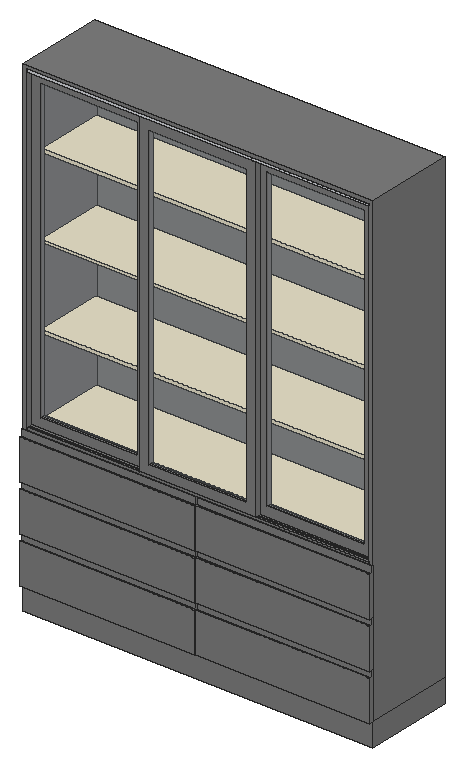
Revit family "Стеллаж для посуды", category Мебель, Revit 2019
Family settings
  Номер OmniClass = 23.40.20.00
  Заголовок OmniClass = General Furniture and Specialties
  На основе рабочей плоскости = Нет
  Всегда вертикально = Да
  При загрузке вырезать с полостями = Нет
  Общий = Нет
  Точка расчета площади = Нет
Parameters
  Ширина [instance] = 1500 mm
  Материал стекло стеллажа для посуды = Материал стекло стеллажа для посуды
  Материал корпус стеллажа для посуды = Материал корпус стеллажа для посуды
  Материал полки стеллажа для посуды = Материал полки стеллажа для посуды
  Изготовитель = "Литвинчук Артур"
  Высота нижних ящиков (общая) [instance] = 600 mm
  Глубина [instance] = 400 mm
  Высота верхней части [instance] = 1250 mm
  Высота [instance] = 2100 mm
  URL = "lytvynchukartur@gmail.com"
Reference planes
  plane 1 "По центру (Вперед/Назад)": y = 0
  plane 2: z = 0
  plane 3 "По центру (Влево/Вправо)": x = 0
  plane 4: x = 1500
  plane 5: y = -400
  plane 6: y = -385
  plane 7: y = -370
  plane 8 "По центру Л/Р": x = 15
  plane 9: x = 1485
  plane 10: y = -15
  plane 11: z = 100
  plane 12: z = 700
  plane 13: z = 2100
  plane 14: z = 2085
  plane 15 "По центру Л/Т": x = 750
  plane 16 "По центру Л/У": x = 752.5
  plane 17 "По центру Л/Ф": x = 747.5
  plane 18: z = 300
  plane 19: z = 500
  plane 20 "По центру Л/Х": y = -5
  plane 21: z = 1046.25
  plane 22: z = 1392.5
  plane 23: z = 1738.75
  plane 24: y = -305
  plane 25: z = 1053.75
  plane 26: z = 1038.75
  plane 27: z = 1400
  plane 28: z = 1385
  plane 29: z = 1746.25
  plane 30: z = 1731.25
  plane 31: z = 710
  plane 32: z = 2075
  plane 33 "По центру Л/Ц": x = 55
  plane 34 "По центру Л/Ч": x = 500
  plane 35 "По центру Л/Ш": x = 1000
  plane 36 "По центру Л/Ъ": x = 540
  plane 37 "По центру Л/Ы": x = 960
  plane 38: x = 1445
  plane 39 "По центру Л/Э": x = 515
  plane 40: x = 985
  plane 41: z = 2035
  plane 42: z = 750
  plane 43: y = -320
  plane 44: y = -340
  plane 45: y = -360
  plane 46: y = -365
  plane 47 "По центру Л/Ю": x = 475
  plane 48: x = 1025
Forms (mm)
  Extrusion 1, solid, material "Материал корпус стеллажа для посуды" <- "Материал корпус стеллажа для посуды"
    sketch origin (0, 0, 0) x (1, 0, 0) y (0, 1, 0)
      loop
        line (0, 0) -> (0, -385) -> (1500, -385) -> (1500, 0) -> (0, 0)
      loop
        line (15, -15) -> (15, -370) -> (1485, -370) -> (1485, -15) -> (15, -15)
    from 0 to 100
  Extrusion 2, solid, material "Материал корпус стеллажа для посуды" <- "Материал корпус стеллажа для посуды"
    sketch origin (0, 0, 0) x (1, 0, 0) y (0, 0, 1)
      loop
        line (0, 2100) -> (0, 100) -> (1500, 100) -> (1500, 2100) -> (0, 2100)
      loop
        line (15, 2085) -> (15, 700) -> (1485, 700) -> (1485, 2085) -> (15, 2085)
    from 0 to 385
  Extrusion 3, solid, material "Материал корпус стеллажа для посуды" <- "Материал корпус стеллажа для посуды"
    sketch origin (0, 0, 0) x (0, 1, 0) y (0, 0, 1)
      loop
        line (-385, 300) -> (-390, 300) -> (-390, 271.479)
        arc (-390, 271.479) -> (-390.871, 270.117) -> (-392.473, 270.337) r 1.5
        line (-392.473, 270.337) -> (-397.506, 274.623)
        arc (-397.506, 274.623) -> (-399.116, 274.868) -> (-400, 273.5) r 1.5
        line (-400, 273.5) -> (-400, 100) -> (-385, 100) -> (-385, 300)
    from 0 to 747.5
  Extrusion 4, solid, material "Материал корпус стеллажа для посуды" <- "Материал корпус стеллажа для посуды"
    sketch origin (0, 0, 0) x (0, 1, 0) y (0, 0, 1)
      loop
        line (-385, 300) -> (-390, 300) -> (-390, 271.479)
        arc (-390, 271.479) -> (-390.871, 270.117) -> (-392.473, 270.337) r 1.5
        line (-392.473, 270.337) -> (-397.506, 274.623)
        arc (-397.506, 274.623) -> (-399.116, 274.868) -> (-400, 273.5) r 1.5
        line (-400, 273.5) -> (-400, 100) -> (-385, 100) -> (-385, 300)
    from 752.5 to 1500
  Extrusion 5, solid, material "Материал корпус стеллажа для посуды" <- "Материал корпус стеллажа для посуды"
    sketch origin (0, 0, 250) x (0, 1, 0) y (0, 0, 1)
      loop
        line (-385, 250) -> (-390, 250) -> (-390, 221.479)
        arc (-390, 221.479) -> (-390.871, 220.117) -> (-392.473, 220.337) r 1.5
        line (-392.473, 220.337) -> (-397.506, 224.623)
        arc (-397.506, 224.623) -> (-399.116, 224.868) -> (-400, 223.5) r 1.5
        line (-400, 223.5) -> (-400, 50) -> (-385, 50) -> (-385, 250)
    from 0 to 747.5
  Extrusion 6, solid, material "Материал корпус стеллажа для посуды" <- "Материал корпус стеллажа для посуды"
    sketch origin (0, 0, 250) x (0, 1, 0) y (0, 0, 1)
      loop
        line (-385, 250) -> (-390, 250) -> (-390, 221.479)
        arc (-390, 221.479) -> (-390.871, 220.117) -> (-392.473, 220.337) r 1.5
        line (-392.473, 220.337) -> (-397.506, 224.623)
        arc (-397.506, 224.623) -> (-399.116, 224.868) -> (-400, 223.5) r 1.5
        line (-400, 223.5) -> (-400, 50) -> (-385, 50) -> (-385, 250)
    from 752.5 to 1500
  Extrusion 7, solid, material "Материал корпус стеллажа для посуды" <- "Материал корпус стеллажа для посуды"
    sketch origin (0, 0, 500) x (0, 1, 0) y (0, 0, 1)
      loop
        line (-385, 200) -> (-390, 200) -> (-390, 171.479)
        arc (-390, 171.479) -> (-390.871, 170.117) -> (-392.473, 170.337) r 1.5
        line (-392.473, 170.337) -> (-397.506, 174.623)
        arc (-397.506, 174.623) -> (-399.116, 174.868) -> (-400, 173.5) r 1.5
        line (-400, 173.5) -> (-400, 0) -> (-385, 0) -> (-385, 200)
    from 0 to 747.5
  Extrusion 8, solid, material "Материал корпус стеллажа для посуды" <- "Материал корпус стеллажа для посуды"
    sketch origin (0, 0, 500) x (0, 1, 0) y (0, 0, 1)
      loop
        line (-385, 200) -> (-390, 200) -> (-390, 171.479)
        arc (-390, 171.479) -> (-390.871, 170.117) -> (-392.473, 170.337) r 1.5
        line (-392.473, 170.337) -> (-397.506, 174.623)
        arc (-397.506, 174.623) -> (-399.116, 174.868) -> (-400, 173.5) r 1.5
        line (-400, 173.5) -> (-400, 0) -> (-385, 0) -> (-385, 200)
    from 752.5 to 1500
  Extrusion 9, solid, material "Материал корпус стеллажа для посуды" <- "Материал корпус стеллажа для посуды"
    sketch origin (0, 0, 0) x (1, 0, 0) y (0, 1, 0)
      loop
        line (15, 0) -> (15, -5) -> (1485, -5) -> (1485, 0) -> (15, 0)
    from 700 to 2085
  Extrusion 10, solid, material "Материал полки стеллажа для посуды" <- "Материал полки стеллажа для посуды"
    sketch origin (0, 0, 0) x (1, 0, 0) y (0, 1, 0)
      loop
        line (15, -15) -> (15, -305) -> (1485, -305) -> (1485, -15) -> (15, -15)
    from 1038.75 to 1053.75
  Extrusion 11, solid, material "Материал полки стеллажа для посуды" <- "Материал полки стеллажа для посуды"
    sketch origin (120, 0, 0) x (1, 0, 0) y (0, 1, 0)
      loop
        line (-105, -15) -> (-105, -305) -> (1365, -305) -> (1365, -15) -> (-105, -15)
    from 1385 to 1400
  Extrusion 12, solid, material "Материал полки стеллажа для посуды" <- "Материал полки стеллажа для посуды"
    sketch origin (0, 0, 0) x (1, 0, 0) y (0, 1, 0)
      loop
        line (15, -15) -> (15, -305) -> (1485, -305) -> (1485, -15) -> (15, -15)
    from 1731.25 to 1746.25
  Extrusion 13, solid, material "Материал корпус стеллажа для посуды" <- "Материал корпус стеллажа для посуды"
    sketch origin (0, 0, 0) x (0, 1, 0) y (0, 0, 1)
      loop
        line (-385, 700) -> (-340, 700) -> (-340, 710) -> (-347.5, 710) -> (-347.5, 705) -> (-352.5, 705) -> (-352.5, 710) -> (-372.5, 710) -> (-372.5, 705) -> (-377.5, 705) -> (-377.5, 710) -> (-385, 710) -> (-385, 700)
    from 15 to 1485
  Extrusion 14, solid, material "Материал корпус стеллажа для посуды" <- "Материал корпус стеллажа для посуды"
    sketch origin (0, 0, 0) x (1, 0, 0) y (0, 0, 1)
      loop
        line (500, 2075) -> (500, 710) -> (1000, 710) -> (1000, 2075) -> (500, 2075)
      loop
        line (540, 2035) -> (540, 750) -> (960, 750) -> (960, 2035) -> (540, 2035)
    from 365 to 385
  Extrusion 15, solid
    sketch origin (0, 0, 2935) x (0, 1, 0) y (0, 0, 1)
      loop
        line (-385, -850) -> (-385, -860) -> (-377.5, -860) -> (-377.5, -855) -> (-372.5, -855) -> (-372.5, -860) -> (-352.5, -860) -> (-352.5, -855) -> (-347.5, -855) -> (-347.5, -860) -> (-340, -860) -> (-340, -850) -> (-385, -850)
    from 15 to 1485
  Extrusion 16, solid, material "Материал корпус стеллажа для посуды" <- "Материал корпус стеллажа для посуды"
    sketch origin (-485, -720, 0) x (1, 0, 0) y (0, 0, -1)
      loop
        line (500, -2075) -> (1000, -2075) -> (1000, -710) -> (500, -710) -> (500, -2075)
      loop
        line (540, -2035) -> (960, -2035) -> (960, -750) -> (540, -750) -> (540, -2035)
    from 360 to 380
  Extrusion 17, solid, material "Материал корпус стеллажа для посуды" <- "Материал корпус стеллажа для посуды"
    sketch origin (485, -720, 0) x (1, 0, 0) y (0, 0, -1)
      loop
        line (500, -2075) -> (1000, -2075) -> (1000, -710) -> (500, -710) -> (500, -2075)
      loop
        line (540, -2035) -> (960, -2035) -> (960, -750) -> (540, -750) -> (540, -2035)
    from 360 to 380
  Extrusion 18, solid, material "Материал стекло стеллажа для посуды" <- "Материал стекло стеллажа для посуды"
    sketch origin (0, 0, 0) x (1, 0, 0) y (0, 0, 1)
      loop
        line (540, 2035) -> (540, 750) -> (960, 750) -> (960, 2035) -> (540, 2035)
    from 372.5 to 377.5
  Extrusion 19, solid, material "Материал стекло стеллажа для посуды" <- "Материал стекло стеллажа для посуды"
    sketch origin (-485, 0, 0) x (1, 0, 0) y (0, 0, 1)
      loop
        line (540, 2035) -> (540, 750) -> (960, 750) -> (960, 2035) -> (540, 2035)
    from 347.5 to 352.5
  Extrusion 20, solid, material "Материал стекло стеллажа для посуды" <- "Материал стекло стеллажа для посуды"
    sketch origin (485, 0, 0) x (1, 0, 0) y (0, 0, 1)
      loop
        line (540, 2035) -> (540, 750) -> (960, 750) -> (960, 2035) -> (540, 2035)
    from 347.5 to 352.5
  Extrusion 21, solid, material "Материал полки стеллажа для посуды" <- "Материал полки стеллажа для посуды"
    sketch origin (0, 0, 0) x (1, 0, 0) y (0, 1, 0)
      loop
        line (15, -15) -> (15, -305) -> (1485, -305) -> (1485, -15) -> (15, -15)
    from 700 to 710
Dimensions and locks
  "Ширина": plane 3 "По центру (Влево/Вправо)" to plane 4
  "Глубина": plane 1 "По центру (Вперед/Назад)" to plane 5
  plane 7 to plane 6 to plane 5 = 15 mm locked, 15 mm locked
  locked: plane 3 "По центру (Влево/Вправо)" to plane 8 "По центру Л/Р" at 15
  locked: plane 9 to plane 4 at 15
  locked: plane 1 "По центру (Вперед/Назад)" to plane 10 at 15
  locked: plane 11 to level at 100
  "Высота нижних ящиков (общая)": plane 12 to plane 11
  "Высота": plane 13 to level
  plane 13 to plane 12 = 1400 mm
  locked: plane 13 to plane 14 at 15
  equal spacing: plane 9, plane 15 "По центру Л/Т", plane 8 "По центру Л/Р"
  plane 16 "По центру Л/У" to plane 15 "По центру Л/Т" to plane 17 "По центру Л/Ф" = 2.5 mm locked, 2.5 mm locked
  equal spacing: plane 12, plane 19, plane 18, plane 11
  locked: plane 20 "По центру Л/Х" to plane 1 "По центру (Вперед/Назад)" at 5
  equal spacing: plane 14, plane 23, plane 22, plane 21, plane 12
  locked: plane 24 to plane 5 at 95
  plane 25 to plane 21 to plane 26 = 7.5 mm locked, 7.5 mm locked
  plane 27 to plane 22 to plane 28 = 7.5 mm locked, 7.5 mm locked
  plane 29 to plane 23 to plane 30 = 7.5 mm locked, 7.5 mm locked
  locked: plane 31 to plane 12 at 10
  locked: plane 31 to Extrusion 13 at 5  (x2)
  locked: plane 14 to plane 32 at 10
  equal spacing: plane 4, plane 35 "По центру Л/Ш", plane 34 "По центру Л/Ч", plane 3 "По центру (Влево/Вправо)"
  locked: plane 33 "По центру Л/Ц" to plane 8 "По центру Л/Р" at 40
  locked: plane 9 to plane 38 at 40
  locked: plane 36 "По центру Л/Ъ" to plane 34 "По центру Л/Ч" at 40
  locked: plane 35 "По центру Л/Ш" to plane 37 "По центру Л/Ы" at 40
  locked: plane 39 "По центру Л/Э" to plane 34 "По центру Л/Ч" at 15
  locked: plane 35 "По центру Л/Ш" to plane 40 at 15
  locked: plane 24 to plane 43 at 15
  plane 6 to plane 46 to plane 45 to plane 44 = 20 mm, 5 mm, 20 mm
  locked: plane 42 to plane 31 at 40
  locked: plane 32 to plane 41 at 40
  locked: plane 39 "По центру Л/Э" to plane 47 "По центру Л/Ю" at 40
  locked: plane 48 to plane 40 at 40
  plane 7 to Extrusion 18 to Extrusion 18 = 2.5 mm locked, 5 mm locked
  plane 44 to Extrusion 19 to Extrusion 19 = 7.5 mm locked, 5 mm locked
  plane 44 to Extrusion 20 to Extrusion 20 = 7.5 mm locked, 5 mm locked
  aligned and locked: level to plane 2
  aligned and locked: plane 8 "По центру Л/Р" to Extrusion 1 sketch curve
  aligned and locked: Extrusion 1 sketch curve to plane 9
  aligned and locked: Extrusion 1 sketch curve to plane 4
  aligned and locked: plane 3 "По центру (Влево/Вправо)" to Extrusion 1 sketch curve
  aligned and locked: Extrusion 1 sketch curve to plane 10
  aligned and locked: plane 1 "По центру (Вперед/Назад)" to Extrusion 1 sketch curve
  aligned and locked: plane 7 to Extrusion 1 sketch curve
  aligned and locked: plane 6 to Extrusion 1 sketch curve
  aligned and locked: Extrusion 1 to level
  aligned and locked: plane 11 to Extrusion 1
  aligned and locked: Extrusion 2 sketch curve to plane 14
  aligned and locked: Extrusion 2 sketch curve to plane 13
  aligned and locked: plane 8 "По центру Л/Р" to Extrusion 2 sketch curve
  aligned and locked: plane 12 to Extrusion 2 sketch curve
  aligned and locked: Extrusion 2 sketch curve to plane 9
  aligned and locked: Extrusion 2 sketch curve to plane 4
  aligned and locked: plane 3 "По центру (Влево/Вправо)" to Extrusion 2 sketch curve
  aligned and locked: plane 11 to Extrusion 2 sketch curve
  aligned and locked: Extrusion 2 to plane 1 "По центру (Вперед/Назад)"
  aligned and locked: Extrusion 2 to plane 6
  aligned and locked: Extrusion 3 to plane 11
  aligned and locked: Extrusion 3 sketch curve to plane 6
  aligned and locked: plane 5 to Extrusion 3 sketch curve
  aligned and locked: Extrusion 3 sketch curve to plane 18
  aligned and locked: plane 17 "По центру Л/Ф" to Extrusion 3
  aligned and locked: Extrusion 3 to plane 3 "По центру (Влево/Вправо)"
  aligned and locked: Extrusion 4 to plane 16 "По центру Л/У"
  aligned and locked: plane 4 to Extrusion 4
  aligned and locked: plane 18 to Extrusion 4
  aligned and locked: plane 6 to Extrusion 4
  aligned and locked: Extrusion 4 to plane 5
  aligned and locked: Extrusion 4 to plane 11
  aligned and locked: Extrusion 5 to plane 3 "По центру (Влево/Вправо)"
  aligned and locked: plane 17 "По центру Л/Ф" to Extrusion 5
  aligned and locked: Extrusion 6 to plane 16 "По центру Л/У"
  aligned and locked: plane 4 to Extrusion 6
  aligned and locked: Extrusion 7 to plane 3 "По центру (Влево/Вправо)"
  aligned and locked: plane 17 "По центру Л/Ф" to Extrusion 7
  aligned and locked: Extrusion 8 to plane 16 "По центру Л/У"
  aligned and locked: plane 4 to Extrusion 8
  aligned and locked: Extrusion 5 to plane 18
  aligned and locked: plane 19 to Extrusion 5
  aligned and locked: plane 6 to Extrusion 5
  aligned and locked: Extrusion 7 to plane 5
  aligned and locked: plane 6 to Extrusion 7
  aligned and locked: plane 12 to Extrusion 7
  aligned and locked: Extrusion 7 to plane 19
  aligned and locked: Extrusion 6 to plane 5
  aligned and locked: plane 19 to Extrusion 6
  aligned and locked: plane 6 to Extrusion 6
  aligned and locked: Extrusion 6 to plane 18
  aligned and locked: Extrusion 8 to plane 5
  aligned and locked: plane 6 to Extrusion 8
  aligned and locked: plane 12 to Extrusion 8
  aligned and locked: Extrusion 8 to plane 19
  aligned and locked: plane 8 "По центру Л/Р" to Extrusion 9 sketch curve
  aligned and locked: Extrusion 9 sketch curve to plane 9
  aligned and locked: Extrusion 9 sketch curve to plane 20 "По центру Л/Х"
  aligned and locked: plane 1 "По центру (Вперед/Назад)" to Extrusion 9 sketch curve
  aligned and locked: Extrusion 9 to plane 12
  aligned and locked: plane 14 to Extrusion 9
  aligned and locked: Extrusion 10 to plane 8 "По центру Л/Р"
  aligned and locked: plane 9 to Extrusion 10
  aligned and locked: plane 10 to Extrusion 10
  aligned and locked: Extrusion 10 to plane 24
  aligned and locked: plane 25 to Extrusion 10
  aligned and locked: Extrusion 10 to plane 26
  aligned and locked: Extrusion 11 to plane 8 "По центру Л/Р"
  aligned and locked: plane 9 to Extrusion 11
  aligned and locked: plane 9 to Extrusion 12
  aligned and locked: Extrusion 12 to plane 8 "По центру Л/Р"
  aligned and locked: plane 29 to Extrusion 12
  aligned and locked: Extrusion 12 to plane 30
  aligned and locked: plane 27 to Extrusion 11
  aligned and locked: Extrusion 11 to plane 28
  aligned and locked: plane 12 to Extrusion 13 sketch curve
  aligned and locked: Extrusion 13 to plane 8 "По центру Л/Р"
  aligned and locked: plane 9 to Extrusion 13
  aligned and locked: plane 31 to Extrusion 13  (x3)
  aligned and locked: Extrusion 13 to plane 6
  aligned and locked: Extrusion 14 sketch curve to plane 41
  aligned and locked: Extrusion 14 sketch curve to plane 37 "По центру Л/Ы"
  aligned and locked: plane 36 "По центру Л/Ъ" to Extrusion 14 sketch curve
  aligned and locked: plane 42 to Extrusion 14 sketch curve
  aligned and locked: plane 34 "По центру Л/Ч" to Extrusion 14 sketch curve
  aligned and locked: Extrusion 14 sketch curve to plane 35 "По центру Л/Ш"
  aligned and locked: Extrusion 14 sketch curve to plane 32
  aligned and locked: plane 31 to Extrusion 14 sketch curve
  aligned and locked: Extrusion 14 to plane 6
  aligned and locked: plane 46 to Extrusion 14
  aligned and locked: plane 14 to Extrusion 15
  aligned and locked: Extrusion 15 to plane 32  (x3)
  aligned and locked: Extrusion 15 to plane 6
  aligned and locked: plane 44 to Extrusion 15
  aligned and locked: Extrusion 15 to plane 8 "По центру Л/Р"
  aligned and locked: plane 9 to Extrusion 15
  aligned and locked: Extrusion 16 sketch curve to plane 41
  aligned and locked: plane 33 "По центру Л/Ц" to Extrusion 16 sketch curve
  aligned and locked: Extrusion 16 sketch curve to plane 47 "По центру Л/Ю"
  aligned and locked: plane 42 to Extrusion 16 sketch curve
  aligned and locked: plane 31 to Extrusion 16 sketch curve
  aligned and locked: plane 8 "По центру Л/Р" to Extrusion 16 sketch curve
  aligned and locked: Extrusion 16 sketch curve to plane 39 "По центру Л/Э"
  aligned and locked: Extrusion 16 sketch curve to plane 32
  aligned and locked: plane 44 to Extrusion 16
  aligned and locked: Extrusion 16 to plane 45
  aligned and locked: plane 42 to Extrusion 17 sketch curve
  aligned and locked: plane 48 to Extrusion 17 sketch curve
  aligned and locked: Extrusion 17 sketch curve to plane 38
  aligned and locked: Extrusion 17 sketch curve to plane 41
  aligned and locked: Extrusion 17 sketch curve to plane 32
  aligned and locked: Extrusion 17 sketch curve to plane 9
  aligned and locked: plane 40 to Extrusion 17 sketch curve
  aligned and locked: plane 44 to Extrusion 17
  aligned and locked: Extrusion 17 to plane 45
  aligned and locked: Extrusion 18 to plane 36 "По центру Л/Ъ"
  aligned and locked: plane 41 to Extrusion 18
  aligned and locked: plane 37 "По центру Л/Ы" to Extrusion 18
  aligned and locked: Extrusion 18 to plane 42
  aligned and locked: Extrusion 21 to plane 12
  aligned and locked: plane 31 to Extrusion 21
Automatic sketch dimensions
  Extrusion 3 sketch curve to plane 11 = 0 mm
  Extrusion 3 sketch curve to Extrusion 3 sketch curve = 1.5 mm
  Extrusion 3 sketch curve to Extrusion 3 sketch curve = 0.994 mm
  Extrusion 3 sketch curve to Extrusion 3 sketch curve = 5.033 mm
  Extrusion 3 sketch curve to Extrusion 3 sketch curve = 0.973 mm
  Extrusion 3 sketch curve to plane 6 = 5 mm
  Extrusion 3 sketch curve to plane 18 = 29.663 mm
  Extrusion 3 sketch curve to Extrusion 3 sketch curve = 3.163 mm
  Extrusion 4 sketch curve to plane 5 = 0 mm
  Extrusion 4 sketch curve to plane 18 = 0 mm
  Extrusion 4 sketch curve to plane 6 = 0 mm
  Extrusion 4 sketch curve to plane 11 = 0 mm
  plane 5 to Extrusion 4 sketch curve = 1.5 mm
  Extrusion 4 sketch curve to Extrusion 4 sketch curve = 0.994 mm
  Extrusion 4 sketch curve to Extrusion 4 sketch curve = 5.033 mm
  Extrusion 4 sketch curve to Extrusion 4 sketch curve = 0.973 mm
  Extrusion 4 sketch curve to Extrusion 4 sketch curve = 5 mm
  Extrusion 4 sketch curve to plane 18 = 29.663 mm
  Extrusion 4 sketch curve to Extrusion 4 sketch curve = 3.163 mm
  Extrusion 5 sketch curve to plane 5 = 0 mm
  Extrusion 5 sketch curve to plane 19 = 0 mm
  Extrusion 5 sketch curve to plane 6 = 0 mm
  Extrusion 5 sketch curve to plane 18 = 0 mm
  plane 5 to Extrusion 5 sketch curve = 1.5 mm
  Extrusion 5 sketch curve to Extrusion 5 sketch curve = 0.994 mm
  Extrusion 5 sketch curve to Extrusion 5 sketch curve = 5.033 mm
  Extrusion 5 sketch curve to Extrusion 5 sketch curve = 0.973 mm
  Extrusion 5 sketch curve to plane 6 = 5 mm
  Extrusion 5 sketch curve to plane 19 = 29.663 mm
  Extrusion 5 sketch curve to Extrusion 5 sketch curve = 3.163 mm
  Extrusion 6 sketch curve to plane 5 = 0 mm
  Extrusion 6 sketch curve to plane 19 = 0 mm
  Extrusion 6 sketch curve to plane 6 = 0 mm
  Extrusion 6 sketch curve to plane 18 = 0 mm
  plane 5 to Extrusion 6 sketch curve = 1.5 mm
  Extrusion 6 sketch curve to Extrusion 6 sketch curve = 0.994 mm
  Extrusion 6 sketch curve to Extrusion 6 sketch curve = 5.033 mm
  Extrusion 6 sketch curve to Extrusion 6 sketch curve = 0.973 mm
  Extrusion 6 sketch curve to Extrusion 6 sketch curve = 5 mm
  Extrusion 6 sketch curve to plane 19 = 29.663 mm
  Extrusion 6 sketch curve to Extrusion 6 sketch curve = 3.163 mm
  Extrusion 7 sketch curve to plane 5 = 0 mm
  Extrusion 7 sketch curve to plane 12 = 0 mm
  Extrusion 7 sketch curve to plane 6 = 0 mm
  Extrusion 7 sketch curve to plane 19 = 0 mm
  Extrusion 7 sketch curve to Extrusion 7 sketch curve = 1.5 mm
  Extrusion 7 sketch curve to Extrusion 7 sketch curve = 0.994 mm
  Extrusion 7 sketch curve to Extrusion 7 sketch curve = 5.033 mm
  Extrusion 7 sketch curve to Extrusion 7 sketch curve = 0.973 mm
  Extrusion 7 sketch curve to plane 6 = 5 mm
  Extrusion 7 sketch curve to plane 12 = 29.663 mm
  Extrusion 7 sketch curve to Extrusion 7 sketch curve = 3.163 mm
  Extrusion 8 sketch curve to plane 5 = 0 mm
  Extrusion 8 sketch curve to plane 12 = 0 mm
  Extrusion 8 sketch curve to plane 6 = 0 mm
  Extrusion 8 sketch curve to plane 19 = 0 mm
  plane 5 to Extrusion 8 sketch curve = 1.5 mm
  Extrusion 8 sketch curve to Extrusion 8 sketch curve = 0.994 mm
  Extrusion 8 sketch curve to Extrusion 8 sketch curve = 5.033 mm
  Extrusion 8 sketch curve to Extrusion 8 sketch curve = 0.973 mm
  Extrusion 8 sketch curve to Extrusion 8 sketch curve = 5 mm
  Extrusion 8 sketch curve to plane 12 = 29.663 mm
  Extrusion 8 sketch curve to Extrusion 8 sketch curve = 3.163 mm
  Extrusion 10 sketch curve to plane 8 "По центру Л/Р" = 0 mm
  Extrusion 10 sketch curve to plane 9 = 0 mm
  Extrusion 10 sketch curve to plane 24 = 0 mm
  Extrusion 10 sketch curve to plane 10 = 0 mm
  Extrusion 11 sketch curve to plane 8 "По центру Л/Р" = 0 mm
  Extrusion 11 sketch curve to plane 9 = 0 mm
  Extrusion 11 sketch curve to plane 24 = 0 mm
  Extrusion 11 sketch curve to plane 10 = 0 mm
  Extrusion 12 sketch curve to plane 8 "По центру Л/Р" = 0 mm
  Extrusion 12 sketch curve to plane 9 = 0 mm
  Extrusion 12 sketch curve to plane 24 = 0 mm
  Extrusion 12 sketch curve to plane 10 = 0 mm
  Extrusion 13 sketch curve to plane 6 = 0 mm
  Extrusion 13 sketch curve to plane 31 = 0 mm  (x3)
  Extrusion 13 sketch curve to plane 44 = 0 mm
  plane 6 to Extrusion 13 sketch curve = 7.5 mm
  Extrusion 13 sketch curve to plane 7 = 2.5 mm
  plane 45 to Extrusion 13 sketch curve = 7.5 mm
  Extrusion 13 sketch curve to Extrusion 13 sketch curve = 5 mm  (x3)
  Extrusion 15 sketch curve to plane 6 = 0 mm
  Extrusion 15 sketch curve to plane 32 = 0 mm  (x3)
  Extrusion 15 sketch curve to plane 14 = 0 mm
  Extrusion 15 sketch curve to plane 44 = 0 mm
  Extrusion 15 sketch curve to Extrusion 15 sketch curve = 7.5 mm
  plane 7 to Extrusion 15 sketch curve = 2.5 mm
  Extrusion 15 sketch curve to plane 45 = 7.5 mm
  Extrusion 15 sketch curve to Extrusion 15 sketch curve = 5 mm  (x3)
  Extrusion 17 sketch curve to plane 31 = 0 mm
  Extrusion 18 sketch curve to plane 36 "По центру Л/Ъ" = 0 mm
  Extrusion 18 sketch curve to plane 37 "По центру Л/Ы" = 0 mm
  Extrusion 18 sketch curve to plane 42 = 0 mm
  Extrusion 18 sketch curve to plane 41 = 0 mm
  Extrusion 19 sketch curve to plane 33 "По центру Л/Ц" = 0 mm
  Extrusion 19 sketch curve to plane 42 = 0 mm
  Extrusion 19 sketch curve to plane 47 "По центру Л/Ю" = 0 mm
  Extrusion 19 sketch curve to plane 41 = 0 mm
  Extrusion 20 sketch curve to plane 42 = 0 mm
  Extrusion 20 sketch curve to plane 48 = 0 mm
  Extrusion 20 sketch curve to plane 38 = 0 mm
  Extrusion 20 sketch curve to plane 41 = 0 mm
  Extrusion 21 sketch curve to plane 24 = 0 mm
  Extrusion 21 sketch curve to plane 10 = 0 mm
  Extrusion 21 sketch curve to plane 33 "По центру Л/Ц" = 40 mm
  Extrusion 21 sketch curve to plane 4 = 15 mm
